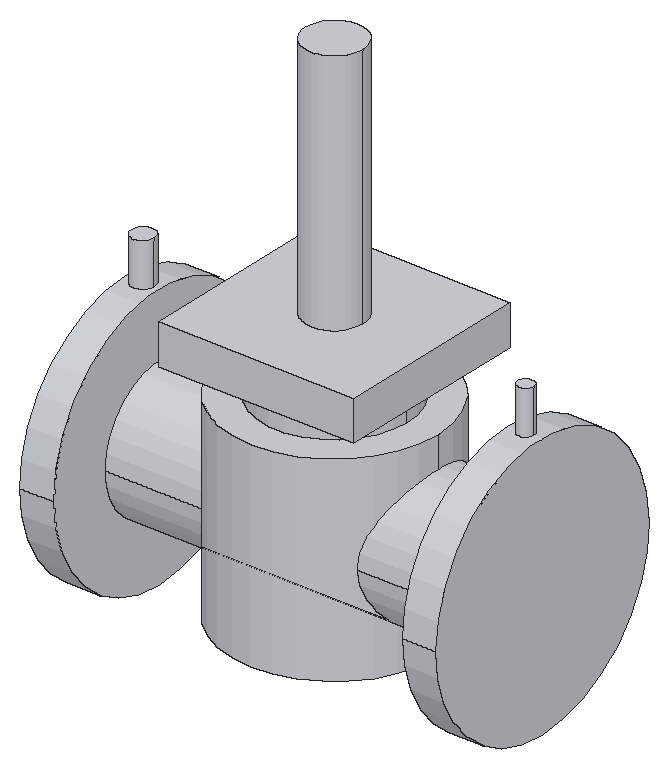
Revit family "OPTIMA_Compact_FLANGE_PN25_DN065-HF_RFA_2018", category Pipe Accessories, Revit 2018
Family settings
  Round Connector Dimension = Use Diameter
  Part Type = Valve - Breaks Into
  Work Plane-Based = No
  Always vertical = Yes
  Cut with Voids When Loaded = No
  Shared = No
Parameters (values of type "Optima Compact Flange PN25 DN065 HF")
  magiProductId = "Frese Optima Flange DN065 HF"
  magiProductFamilyId = "Frese Optima Flange *"
  magiPartTypeId = 304
  isMeasuringValve [instance] = no
  ang2D [instance] = 0.00°
  W2D = 50 mm
  VersionID = "2.0/2018.8.28.1/FRESE_OPTIMA_FLANGE_Q13_002"
  Use Minimum Symbol Size [instance] = yes
  URL = "www.hydronic.cz"
  Type Comments = "Přírubový; PN25; 0~120°C, s měřením"
  R4 = 50.75 mm
  R3 = 48.1 mm
  R1 = 72.5 mm
  QmdConnectorList = "301;D;302;D"
  Productdata [instance] = ""
  Manufacturer = "Hydronic Systems Prague s.r.o."
  MC Product Code = "53-1231 (DN65 HF; 20mm; pohon min 1000N; Qmin-dpmin 6000l/h-30.0kPa; Qmax-dpmin 35000l/h-55.0kPa; dpmax 800kPa)"
  MC Piping Given Pressure Drop [instance] = 0.0 Pa
  LF__ve = -LF  # -23.2 mm
  LF2 = 11.6 mm
  LF = 23.2 mm
  L4 = 136.3 mm
  L3 = 243.6 mm
  L2D_Min = 3048 mm
  L2D = 230 mm
  L2 = 145 mm
  H6 = 171.25 mm
  H4 = 27.75 mm
  H3 = 23.125 mm
  H2 = 69.375 mm
  H1 = 138.75 mm
  Description = "Tlakově nezávislý 2-cestný regulační vyvažovací ventil (PICV)"
  DF2 = 92.5 mm
  D = 65 mm
  CAT0 = yes
Types (14, lengths in mm): name | magiProductId | magiProductFamilyId | W2D | Type Comments | R4 | R3 | R1 | MC Product Code | LF__ve | LF2 | LF | L4 | L3 | L2D | L2 | H6 | H4 | H3 | H2 | H1 | DF2 | D
  Optima Compact Flange PN25 DN050 LF | "Frese Optima Flange DN050 LF" | "Frese Optima Flange *" | 50 | "Přírubový; PN25; 0~120°C, s měřením" | 40.3 | 42.9 | 57.5 | "53-1220 (DN50 LF; 20mm; pohon min 1000N; Qmin-dpmin 2500l/h-6.5kPa; Qmax-dpmin 15000l/h-20.0kPa; dpmax 800kPa)" | -18.4 | 9.2 | 18.4 | 108.1 | 193.2 | 230 | 115 | 157.3 | 24.8 | 20.6 | 61.9 | 123.8 | 82.5 | 50
  Optima Compact Flange PN25 DN050 HF | "Frese Optima Flange DN050 HF" | "Frese Optima Flange *" | 50 | "Přírubový; PN25; 0~120°C, s měřením" | 40.25 | 42.9 | 57.5 | "53-1230 (DN50 HF; 20mm; pohon min 1000N; Qmin-dpmin 3900l/h-19.0kPa; Qmax-dpmin 24000l/h-50.0kPa; dpmax 800kPa)" | -18.4 | 9.2 | 18.4 | 108.1 | 193.2 | 230 | 115 | 157.25 | 24.75 | 20.625 | 61.875 | 123.75 | 82.5 | 50
  Optima Compact Flange PN25 DN065 LF | "Frese Optima Flange DN065 LF" | "Frese Optima Flange *" | 50 | "Přírubový; PN25; 0~120°C, s měřením" | 50.75 | 48.1 | 72.5 | "53-1221 (DN65 LF; 20mm; pohon min 1000N; Qmin-dpmin 4400l/h-15.0kPa; Qmax-dpmin 25000l/h-25.0kPa; dpmax 800kPa)" | -23.2 | 11.6 | 23.2 | 136.3 | 243.6 | 230 | 145 | 171.25 | 27.75 | 23.125 | 69.375 | 138.75 | 92.5 | 65
  Optima Compact Flange PN25 DN065 HF | "Frese Optima Flange DN065 HF" | "Frese Optima Flange *" | 50 | "Přírubový; PN25; 0~120°C, s měřením" | 50.75 | 48.1 | 72.5 | "53-1231 (DN65 HF; 20mm; pohon min 1000N; Qmin-dpmin 6000l/h-30.0kPa; Qmax-dpmin 35000l/h-55.0kPa; dpmax 800kPa)" | -23.2 | 11.6 | 23.2 | 136.3 | 243.6 | 230 | 145 | 171.25 | 27.75 | 23.125 | 69.375 | 138.75 | 92.5 | 65
  Optima Compact Flange PN25 DN080 LF | "Frese Optima Flange DN080 LF" | "Frese Optima Flange *" | 50 | "Přírubový; PN25; 0~120°C, s měřením" | 54.25 | 52 | 77.5 | "53-1222 (DN80 LF; 20mm; pohon min 1000N; Qmin-dpmin 5300l/h-16.0kPa; Qmax-dpmin 34000l/h-25.0kPa; dpmax 800kPa)" | -24.8 | 12.4 | 24.8 | 145.7 | 260.4 | 230 | 155 | 183 | 30 | 25 | 75 | 150 | 100 | 80
  Optima Compact Flange PN25 DN080 HF | "Frese Optima Flange DN080 HF" | "Frese Optima Flange *" | 50 | "Přírubový; PN25; 0~120°C, s měřením" | 54.25 | 52 | 77.5 | "53-1232 (DN80 HF; 20mm; pohon min 1000N; Qmin-dpmin 7000l/h-23.0kPa; Qmax-dpmin 43000l/h-50.0kPa; dpmax 800kPa)" | -24.8 | 12.4 | 24.8 | 145.7 | 260.4 | 230 | 155 | 183 | 30 | 25 | 75 | 150 | 100 | 80
  Optima Compact Flange PN25 DN100 LF | "Frese Optima Flange DN100 LF" | "Frese Optima Flange *" | 50 | "Přírubový; PN25; 0~120°C, s měřením" | 61.25 | 61.1 | 87.5 | "53-1223 (DN100 LF; 40mm; pohon min 1000N; Qmin-dpmin 12100l/h-20.0kPa; Qmax-dpmin 68000l/h-35.0kPa; dpmax 800kPa)" | -28 | 14 | 28 | 164.5 | 294 | 230 | 175 | 268.75 | 35.25 | 29.375 | 88.125 | 176.25 | 117.5 | 100
  Optima Compact Flange PN25 DN100 HF | "Frese Optima Flange DN100 HF" | "Frese Optima Flange *" | 50 | "Přírubový; PN25; 0~120°C, s měřením" | 61.25 | 61.1 | 87.5 | "53-1233 (DN100 HF; 40mm; pohon min 1000N; Qmin-dpmin 14800l/h-30.0kPa; Qmax-dpmin 90000l/h-75.0kPa; dpmax 800kPa)" | -28 | 14 | 28 | 164.5 | 294 | 230 | 175 | 268.75 | 35.25 | 29.375 | 88.125 | 176.25 | 117.5 | 100
  Optima Compact Flange PN25 DN125 LF | "Frese Optima Flange DN125 LF" | "Frese Optima Flange *" | 50 | "Přírubový; PN25; 0~120°C, s měřením" | 70 | 70.2 | 100 | "53-1224 (DN125 LF; 40mm; pohon min 1000N; Qmin-dpmin 18500l/h-16.0kPa; Qmax-dpmin 110000l/h-35.0kPa; dpmax 800kPa)" | -32 | 16 | 32 | 188 | 336 | 230 | 200 | 275.5 | 40.5 | 33.75 | 101.25 | 202.5 | 135 | 125
  Optima Compact Flange PN25 DN125 HF | "Frese Optima Flange DN125 HF" | "Frese Optima Flange *" | 50 | "Přírubový; PN25; 0~120°C, s měřením" | 70 | 70.2 | 100 | "53-1234 (DN125 HF; 40mm; pohon min 1000N; Qmin-dpmin 23000l/h-27.0kPa; Qmax-dpmin 135000l/h-53.0kPa; dpmax 800kPa)" | -32 | 16 | 32 | 188 | 336 | 230 | 200 | 275.5 | 40.5 | 33.75 | 101.25 | 202.5 | 135 | 125
  Optima Compact Flange PN25 DN150 LF | "Frese Optima Flange DN150 LF" | "Frese Optima Flange *" | 50 | "Přírubový; PN25; 0~110°C, s měřením" | 84 | 74.1 | 120 | "53-1225 (DN150 LF; 43mm; pohon min 1500N; Qmin-dpmin 25600l/h-21.0kPa; Qmax-dpmin 148000l/h-35.0kPa; dpmax 800kPa)" | -38.4 | 19.2 | 38.4 | 225.6 | 403.2 | 230 | 240 | 279.25 | 42.75 | 35.625 | 106.875 | 213.75 | 142.5 | 150
  Optima Compact Flange PN25 DN150 HF | "Frese Optima Flange DN150 HF" | "Frese Optima Flange *" | 50 | "Přírubový; PN25; 0~110°C, s měřením" | 84 | 74.1 | 120 | "53-1235 (DN150 HF; 43mm; pohon min 1500N; Qmin-dpmin 32000l/h-33.0kPa; Qmax-dpmin 195000l/h-65.0kPa; dpmax 800kPa)" | -38.4 | 19.2 | 38.4 | 225.6 | 403.2 | 230 | 240 | 279.25 | 42.75 | 35.625 | 106.875 | 213.75 | 142.5 | 150
  Optima Compact Flange PN25 DN200 LF | "" | "" | 100 | "Přírubový; PN25; 0~110°C, s měřením" | 164.5 | 98.8 | 235 | "53-1226 (DN200 LF; 43mm; pohon min 1500N; Qmin-dpmin 95000l/h-11.0kPa; Qmax-dpmin 210000l/h-32.0kPa; dpmax 800kPa)" | -48 | 24 | 48 | 282 | 504 | 350 | 300 | 281 | 57 | 15 | 209 | 380 | 190 | 200
  Optima Compact Flange PN25 DN200 HF | "" | "" | 100 | "Přírubový; PN25; 0~110°C, s měřením" | 164.5 | 98.8 | 235 | "53-1236 (DN200 HF; 43mm; pohon min 1500N; Qmin-dpmin 130000l/h-31.0kPa; Qmax-dpmin 280000l/h-78.0kPa; dpmax 800kPa)" | -48 | 24 | 48 | 282 | 504 | 350 | 300 | 281 | 57 | 15 | 209 | 380 | 190 | 200
Reference planes
  plane 1 "Center (Front/Back)": y = 0
  plane 2 "XYPLANE": z = 0
  plane 3 "Center (Left/Right)": x = 0
  plane 4 "157": x = 133.4
  plane 5 "156": x = -133.4
  plane 6 "155": z = 92.5
  plane 7 "154": z = 120.25
  plane 8 "153": z = 92.5
  plane 9 "152": z = 69.375
  plane 10 "151": x = -121.8
  plane 11 "150": z = -69.375
  plane 12 "149": x = 0
  plane 13 "148": y = 0
  plane 14 "147": z = 0
  plane 15 "146": x = -145
  plane 16 "145": x = 145
Forms (mm)
  Extrusion 1, solid, visible <- "CAT0"
    sketch origin (-750, 0, 92.5) x (1, 0, 0) y (0, 1, 0)
      loop
        circle (883.4, 0) r 5.5
    from 0 to 30
  Extrusion 2, solid, visible <- "CAT0"
    sketch origin (-750, 0, 92.5) x (1, 0, 0) y (0, 1, 0)
      loop
        circle (616.6, 0) r 7.9
    from 0 to 30
  Extrusion 3, solid, visible <- "CAT0"
    sketch origin (-750, 0, 120.25) x (1, 0, 0) y (0, 1, 0)
      loop
        circle (750, 0) r 20
    from 0 to 171.25 <- "H6"
  Extrusion 4, solid, visible <- "CAT0"
    sketch origin (-750, 0, 92.5) x (1, 0, 0) y (0, 1, 0)
      loop
        line (818.15, 68.15) -> (681.85, 68.15) -> (681.85, -68.15) -> (818.15, -68.15) -> (818.15, 68.15)
    from 0 to 27.75 <- "H4"
  Extrusion 5, solid, visible <- "CAT0"
    sketch origin (-750, 0, 69.375) x (1, 0, 0) y (0, 1, 0)
      loop
        circle (750, 0) r 50.75
    from 0 to 23.125 <- "H3"
  Extrusion 6, solid, visible <- "CAT0"
    sketch origin (-121.8, -750, 0) x (0, 1, 0) y (0, 0, 1)
      loop
        circle (750, 0) r 48.1
    from 0 to 243.6 <- "L3"
  Extrusion 7, solid, visible <- "CAT0"
    sketch origin (-750, 0, -69.375) x (1, 0, 0) y (0, 1, 0)
      loop
        circle (750, 0) r 72.5
    from 0 to 138.75 <- "H1"
  Extrusion 8, solid, visible <- "CAT0"
    sketch origin (-145, -750, 0) x (0, 1, 0) y (0, 0, 1)
      loop
        circle (750, 0) r 92.5
    from 0 to 23.2 <- "LF"
  Extrusion 9, solid, visible <- "CAT0"
    sketch origin (145, -750, 0) x (0, 1, 0) y (0, 0, 1)
      loop
        circle (750, 0) r 92.5
    from 0 to -23.2 <- "LF__ve"
  Extrusion 10, solid, not visible
    sketch origin (-145, -750, 0) x (0, 1, 0) y (0, 0, 1)
      loop
        circle (750, 0) r 10
    from 0 to 10
  Extrusion 11, solid, not visible
    sketch origin (145, -750, 0) x (0, 1, 0) y (0, 0, 1)
      loop
        circle (750, 0) r 10
    from 0 to -10
Lines and regions (mm)
  reference lines, not visible
    curve 1: circle (2, 2, 0) r 1 normal (0, 0, 1)
  reference lines
    curve 2: circle (0, 0, 92.5) r 1 normal (0, 0, 1)
Dimensions and locks
  plane 1 "Center (Front/Back)" to curve 1 = 2 mm
  "LF2": plane 16 "145" to plane 4 "157"
  "LF2": plane 15 "146" to plane 5 "156"
  "DF2": plane 2 "XYPLANE" to plane 6 "155"
  "H4": plane 8 "153" to plane 7 "154"
  "H3": plane 9 "152" to plane 8 "153"
  "H1": plane 11 "150" to plane 9 "152"
  "LF": plane 15 "146" to plane 10 "151"
  "H2": plane 2 "XYPLANE" to plane 11 "150"
  locked: plane 3 "Center (Left/Right)" to plane 12 "149"
  locked: plane 1 "Center (Front/Back)" to plane 13 "148"
  locked: plane 2 "XYPLANE" to plane 14 "147"
  "L2": plane 3 "Center (Left/Right)" to plane 15 "146"
  "L2": plane 3 "Center (Left/Right)" to plane 16 "145"
  equal spacing: Extrusion 4 sketch curve, curve 2, Extrusion 4 sketch curve  (x2)
  "L4": Extrusion 4 sketch curve to Extrusion 4 sketch curve  (x2)
  Extrusion 4 sketch curve to Extrusion 4 sketch curve = 0 mm  (x8)
  "R4": radius of Extrusion 5 sketch curve
  "R3": radius of Extrusion 6 sketch curve
  "R1": radius of Extrusion 7 sketch curve
  "DF2": radius of Extrusion 8 sketch curve
  "DF2": radius of Extrusion 9 sketch curve
  aligned and locked: level to plane 2 "XYPLANE"
  aligned and locked: plane 4 "157" to Extrusion 1 sketch curve
  aligned and locked: plane 13 "148" to Extrusion 1 sketch curve
  aligned and locked: plane 5 "156" to Extrusion 2 sketch curve
  aligned and locked: plane 13 "148" to Extrusion 2 sketch curve
  aligned and locked: plane 12 "149" to Extrusion 3 sketch curve
  aligned and locked: plane 13 "148" to Extrusion 3 sketch curve
  aligned and locked: plane 12 "149" to curve 2
  aligned and locked: plane 13 "148" to curve 2
  aligned and locked: plane 12 "149" to Extrusion 5 sketch curve
  aligned and locked: plane 13 "148" to Extrusion 5 sketch curve
  aligned and locked: Extrusion 6 sketch curve to plane 13 "148"
  aligned and locked: plane 14 "147" to Extrusion 6 sketch curve
  aligned and locked: plane 12 "149" to Extrusion 7 sketch curve
  aligned and locked: plane 13 "148" to Extrusion 7 sketch curve
  aligned and locked: Extrusion 8 sketch curve to plane 13 "148"
  aligned and locked: plane 14 "147" to Extrusion 8 sketch curve
  aligned and locked: Extrusion 9 sketch curve to plane 13 "148"
  aligned and locked: plane 14 "147" to Extrusion 9 sketch curve
  aligned and locked: Extrusion 10 sketch curve to plane 13 "148"
  aligned and locked: plane 14 "147" to Extrusion 10 sketch curve
  aligned and locked: Extrusion 11 sketch curve to plane 13 "148"
  aligned and locked: plane 14 "147" to Extrusion 11 sketch curve
Automatic sketch dimensions
  Extrusion 1 sketch curve to plane 4 "157" = 5.5 mm
  plane 15 "146" to Extrusion 2 sketch curve = 3.7 mm
  Extrusion 3 sketch curve to plane 3 "Center (Left/Right)" = 20 mm
  plane 1 "Center (Front/Back)" to Extrusion 10 sketch curve = 10 mm
  plane 1 "Center (Front/Back)" to Extrusion 11 sketch curve = 10 mm
  plane 3 "Center (Left/Right)" to curve 1 = 2 mm
  plane 10 "151" to Extrusion 4 sketch curve = 53.65 mm
  plane 1 "Center (Front/Back)" to Extrusion 4 sketch curve = 68.15 mm
  radius of curve 2 = 1 mm
  radius of curve 1 = 1 mm
Connectors
  piping at (-145, 0, 0), diameter 65, driven by "D"
    settings: on Extrusion 10, index 1, connector inside diameter 609.6 mm, connector length 0 mm, flow factor 0, pipe flow 0.0 L/s, pressure drop 0.0 Pa, fitting loss kfactor 0, connector angle 0.00°, fixture units 0, engagement length 0 mm, angle of deflection 0.00°, flow configuration 0, flow direction 0, fitting loss method 0, system type 29, joint type 0, gender type 0, connector reference index 2, connector utility 0, adjustable connector no, is connector primary yes, connector description ""
  piping at (145, 0, 0), diameter 65, driven by "D"
    settings: on Extrusion 11, index 2, connector inside diameter 609.6 mm, connector length 0 mm, flow factor 0, pipe flow 0.0 L/s, pressure drop 0.0 Pa, fitting loss kfactor 0, connector angle 0.00°, fixture units 0, engagement length 0 mm, angle of deflection 0.00°, flow configuration 0, flow direction 0, fitting loss method 0, system type 29, joint type 0, gender type 0, connector reference index 1, connector utility 0, adjustable connector no, is connector primary no, connector description ""
